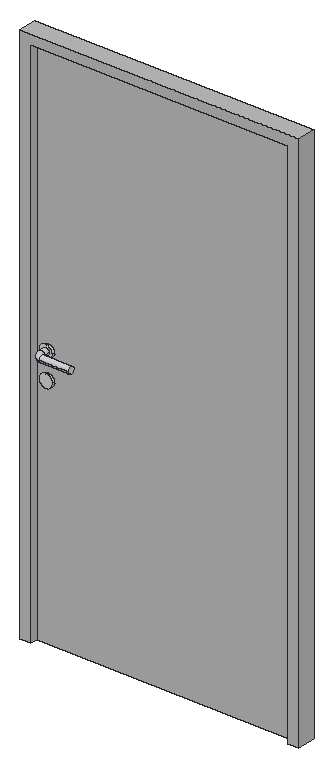
Revit family "BRU_Дверь_Однопольная_Стальная_Тех", category Двери, Revit 2021
Family settings
  Основа = Стена
  Номер OmniClass = 23.30.10.00
  Заголовок OmniClass = Doors
  Всегда вертикально = Да
  При загрузке вырезать с полостями = Нет
  Общий = Нет
  Точка принадлежности помещению = Нет
Parameters (values of type "ДСВ-О-Н-EI30 1100х2100(h) Л")
  Четверть сверху.Размер [instance] = 30 mm
  Четверть сверху [instance] = if([Четверть (есть/нет)], Четверть сверху.Размер, 0 mm)  # 0 mm
  Четверть сбоку [instance] = if([Четверть (есть/нет)], Четверти сбоку.Размер, 0 mm)  # 0 mm
  Четверть (есть/нет) [instance] = no
  Четверти сбоку.Размер [instance] = 30 mm
  Угол в плане 30 [instance] = yes
  Тип полотна двери = Полотно : Глухое
  Ручка двери = none
  Рама двери.Ширина справа = 80 mm
  Рама двери.Ширина слева = 80 mm
  Рама двери.Ширина внизу = 80 mm
  Рама двери.Ширина вверху = 80 mm
  Полотно.Толщина = 40 mm
  Полотно двери. Высота = Height - Коробка.Ширина - 20 mm  # 2050 mm
  Площадь [instance] = Rough Width * Rough Height  # 2.2048 m²
  Откосы.Ширина [instance] = 530 mm
  Define Thermal Properties by = 1
  Fire Rating = ""
  О_Обозначение = ""
  О_Наименование = ""
  Наличник.Ширина [instance] = 60 mm
  Наличник.Толщина [instance] = 10 mm
  Наличник снаружи (есть/нет) [instance] = no
  Наличник внутри (есть/нет) [instance] = no
  Монтажный зазор снизу.Толщина [instance] = 130 mm
  Монтажный зазор сверху.Толщина = 20 mm
  Монтажный зазор сбоку.Толщина = 20 mm
  Коробка.Ширина = 30 mm
  Коробка.Толщина = 70 mm
  Type Comments = ""
  Защитное ограждение (есть/нет) = no
  Глубина выреза проема наружу [instance] = 200 mm
  Глубина выреза проема внутрь [instance] = 200 mm
  Глубина вставки двери [instance] = 0 mm
  Аналитическая конструкция = "<Нет>"
  Правая = no
  Полотно двери = none
  Остекление двери = none
  Левая = not(Правая)  # yes
  Огибание наружных слоев [instance] = 0 mm
  Width = 1100 mm
  Rough Width [instance] = Width - Монтажный зазор сбоку.Толщина * 2  # 1060 mm
  Rough Height [instance] = Height - Монтажный зазор сверху.Толщина  # 2080 mm
  Группа модели = "Дверь глухая с порогом"
  Manufacturer = ""
  Wall Closure = (empty or 0)
  Height = 2100 mm
  Описание = "Дверь деревянная внутренняя глухая"
  Тип конструкций = "Дверь деревянная"
  BRU_ДверьТип = "BRU_Дверь_Однопольная_Стальная_Техническая_Противопожарная"
  ADSK_Этаж [instance] = ""
  ADSK_Толщина стены [instance] = 0 mm
  ADSK_Примечание [instance] = ""
  ADSK_Предел огнестойкости = "EI30"
  ADSK_Позиция [instance] = ""
  ADSK_Открывание = if(Правая, "Правая", "Левая")  # "Левая"
  ADSK_Обозначение = "ГОСТ 6629-88"  # constant formula
  ADSK_Наименование краткое = ""
  ADSK_Наименование = "ДСВ-О-Н-EI30 1100х2100(h)"
  ADSK_Масса_Текст = ""
  ADSK_Количество [instance] = 0
  ADSK_Код изделия = ""
  ADSK_Зона [instance] = ""
  ADSK_Завод-изготовитель = ""
  ADSK_Единица измерения = ""
  ADSK_Группирование [instance] = ""
  ADSK_URL страницы изделия = ""
  ADSK_URL документации изделия = ""
Types (3, lengths in mm): name | Полотно двери. Высота | Площадь | Правая | Левая | Width | Rough Width | Rough Height | Height | ADSK_Предел огнестойкости | ADSK_Открывание | ADSK_Наименование
  ДСВ-О-Н-EI30 1100х2100(h) Л | 2050 | 2.2048 m² | no | yes | 1100 | 1060 | 2080 | 2100 | "EI30" | "Левая" | "ДСВ-О-Н-EI30 1100х2100(h)"
  ДСВ-О-Н-EI30 1100х2100(h) Пр | 2050 | 2.2048 m² | yes | no | 1100 | 1060 | 2080 | 2100 | "EI30" | "Правая" | "ДСВ-О-Н-EI30 1100х2100(h)"
  ДСВ-О-Н-EI60 1100х2100(h) Л | 2030 | 2.1012 m² | no | yes | 1060 | 1020 | 2060 | 2080 | "EI60" | "Левая" | "ДСВ-О-Н-EI60 1100х2100(h)"
Reference planes
  plane 1: y = 0
  plane 2 "По центру (Влево/Вправо)": x = 0
  plane 3 "Слева": x = -530
  plane 4 "Справа": x = 530
  plane 5: z = 2230
  plane 6 "Наружный": y = 300
  plane 7 "Внутренние": y = -300
  plane 8 "Вставка двери": y = 300
  plane 9 "Четверть слева": x = -530
  plane 10 "Четверть справа": x = 530
  plane 11 "Четверть сверху": z = 2230
  plane 12 "Полотно двери": y = 260
  plane 13 "Рама внутри": y = 230
  plane 14 "Монтажный зазор слева": x = -550
  plane 15 "Монтажный зазор справа": x = 550
  plane 16 "Монтажный зазор сверху": z = 2210
  plane 17 "Глубина огибания наружного слоя": y = 300
  plane 18: y = 310
  plane 19: x = 520
  plane 20: y = -310
  plane 21: x = -520
  plane 22: y = 500
  plane 23: y = -500
  plane 24 "2": z = 130
Forms (mm)
  Extrusion 1, void
    sketch origin (0, 0, 0) x (1, 0, 0) y (0, 1, 0)
      loop
        line (550, 300) -> (-550, 300) -> (-550, -500) -> (550, -500) -> (550, 300)
    from 0 to 2230
  Extrusion 2, void
    sketch origin (0, 0, 0) x (1, 0, 0) y (0, 1, 0)
      loop
        line (550, 500) -> (-550, 500) -> (-550, 300) -> (550, 300) -> (550, 500)
    from 0 to 2230
  Sweep 3, solid, material <- "Полотно двери", visible <- "Наличник снаружи (есть/нет)", detail levels fine
    path origin (0, 300, 0) x (1, 0, 0) y (0, 0, 1)
      loop
        line (-530, 130) -> (-530, 2230) -> (530, 2230) -> (530, 130)
    profile origin (-530, 300, 1180) x (-1, 0, 0) y (0, -1, 0)
      loop
        line (-10, 0) -> (-10, -5)
        arc (-10, -5) -> (-8.536, -8.536) -> (-5, -10) r 5
        line (-5, -10) -> (45, -10)
        arc (45, -10) -> (48.536, -8.536) -> (50, -5) r 5
        line (50, -5) -> (50, 0) -> (-10, 0)
  Sweep 4, solid, material <- "Полотно двери", visible <- "Наличник внутри (есть/нет)", detail levels fine
    path origin (0, -300, 0) x (1, 0, 0) y (0, 0, 1)
      loop
        line (-530, 130) -> (-530, 2230) -> (530, 2230) -> (530, 130)
    profile origin (-530, -300, 1180) x (-1, 0, 0) y (0, -1, 0)
      loop
        line (20, 0) -> (80, 0) -> (80, 5)
        arc (80, 5) -> (78.536, 8.536) -> (75, 10) r 5
        line (75, 10) -> (25, 10)
        arc (25, 10) -> (21.464, 8.536) -> (20, 5) r 5
        line (20, 5) -> (20, 0)
  Sweep 5, solid, material <- "Полотно двери"
    path origin (0, 300, 0) x (-1, 0, 0) y (0, 0, 1)
      loop
        line (530, 130) -> (530, 2210) -> (-530, 2210) -> (-530, 130)
    profile origin (530, 300, 1170) x (0, 1, 0) y (-1, 0, 0)
      loop
        line (0, 0) -> (0, 30) -> (-40, 30) -> (-40, 40) -> (-70, 40) -> (-70, 0) -> (0, 0)
  Sweep 6, solid, material <- "Полотно двери", visible <- "Наличник снаружи (есть/нет)", detail levels fine
    path origin (0, 300, 0) x (-1, 0, 0) y (0, 0, 1)
      loop
        line (530, 130) -> (530, 2230) -> (-530, 2230) -> (-530, 130)
    profile origin (530, 300, 1180) x (0, 1, 0) y (-1, 0, 0)
      loop
        line (5, 0) -> (5, 10) -> (0, 10) -> (0, 0) -> (5, 0)
Cuts and joins
  joined: Sweep 3, Sweep 6
Lines and regions (mm)
  Masking region 1, detail levels fine
    outline origin (0, 0, 0) x (0, 1, 0) y (0, 0, 1)
      loop
        line (230, 2170) -> (260, 2170) -> (260, 2180) -> (300, 2180) -> (300, 2210) -> (230, 2210) -> (230, 2170)
  Masking region 2, detail levels fine
    outline origin (0, 0, 0) x (0, 1, 0) y (0, 0, 1)
      loop
        line (300, 130) -> (300, 2180) -> (260, 2180) -> (260, 130) -> (300, 130)
  Masking region 3, detail levels fine
    outline origin (0, 0, 0) x (0, 1, 0) y (0, 0, 1)
      loop
        line (230, 2170) -> (230, 130) -> (260, 130) -> (260, 2170) -> (230, 2170)
  Masking region 4, detail levels coarse+medium
    outline origin (0, 0, 0) x (0, 1, 0) y (0, 0, 1)
      loop
        line (300, 130) -> (300, 2230) -> (230, 2230) -> (230, 130) -> (300, 130)
  model lines
    curve 1: line (530, 300, 130) -> (550, 300, 130)
    curve 2: line (550, 300, 130) -> (550, 300, 2230)
    curve 3: line (550, 300, 2230) -> (-550, 300, 2230)
    curve 4: line (-550, 300, 2230) -> (-550, 300, 130)
    curve 5: line (-550, 300, 130) -> (-530, 300, 130)
Text (mm)
  text "Наружный" at (-2295.016, 1099.543, 0), in view "Опорный уровень "
  text "Наружный" at (0, 1615.38, 3698.081), in view "Слева"
  text "Наружный" at (0, 1036.032, 3874.932), in view "Справа"
Dimensions and locks
  equal spacing: plane 14 "Монтажный зазор слева", plane 2 "По центру (Влево/Вправо)", plane 15 "Монтажный зазор справа"
  "Width": plane 14 "Монтажный зазор слева" to plane 15 "Монтажный зазор справа"
  "Rough Height": plane 16 "Монтажный зазор сверху" to plane 24 "2"
  host wall to plane 5 = 2230 mm  (x2)
  locked: plane 6 "Наружный" to host wall
  locked: plane 7 "Внутренние" to host wall
  "Четверть сбоку": plane 3 "Слева" to plane 9 "Четверть слева"
  "Четверть сбоку": plane 10 "Четверть справа" to plane 4 "Справа"
  "Глубина вставки двери": plane 6 "Наружный" to plane 8 "Вставка двери"
  "Наличник.Ширина": Sweep 3 sketch curve to plane 21
  "Коробка.Толщина": plane 8 "Вставка двери" to plane 13 "Рама внутри"
  "Полотно.Толщина": plane 8 "Вставка двери" to plane 12 "Полотно двери"
  "Огибание наружных слоев": plane 6 "Наружный" to plane 17 "Глубина огибания наружного слоя"
  "Наличник.Ширина": Sweep 4 sketch curve to Sweep 4 sketch curve
  locked: Sweep 4 sketch curve to Sweep 4 sketch curve at 5  (x4)
  locked: Sweep 3 sketch curve to Sweep 3 sketch curve at 5
  "Коробка.Ширина": Sweep 5 sketch curve to profile plane
  locked: Sweep 5 sketch curve to Sweep 5 sketch curve at 10
  "Наличник.Толщина": plane 7 "Внутренние" to plane 20
  "Наличник.Толщина": plane 18 to plane 6 "Наружный"
  "Наличник.Толщина": plane 9 "Четверть слева" to plane 21
  "Наличник.Толщина": plane 19 to plane 10 "Четверть справа"
  locked: plane 18 to Sweep 3 sketch curve at 5  (x2)
  locked: Sweep 3 sketch curve to plane 21 at 5
  locked: plane 18 to Sweep 6 sketch curve at 5
  "Откосы.Ширина": plane 7 "Внутренние" to plane 13 "Рама внутри"
  equal spacing: plane 3 "Слева", plane 2 "По центру (Влево/Вправо)", plane 4 "Справа"
  "Rough Width": plane 3 "Слева" to plane 4 "Справа"
  "Глубина выреза проема внутрь": plane 23 to plane 7 "Внутренние"
  "Глубина выреза проема наружу": plane 6 "Наружный" to plane 22
  "Монтажный зазор снизу.Толщина": level to plane 24 "2"
  "Монтажный зазор сверху.Толщина": plane 5 to plane 16 "Монтажный зазор сверху"
  "Четверть сверху": plane 5 to plane 11 "Четверть сверху"
  aligned and locked: plane 1 to host wall
  aligned and locked: plane 8 "Вставка двери" to Extrusion 1 sketch curve
  aligned and locked: Extrusion 1 to level
  aligned and locked: Extrusion 1 to plane 5
  aligned and locked: Extrusion 2 sketch curve to plane 8 "Вставка двери"
  aligned and locked: Extrusion 2 to level
  aligned and locked: plane 11 "Четверть сверху" to Extrusion 2
  aligned and locked: plane 9 "Четверть слева" to Sweep 3 sketch curve
  aligned and locked: plane 11 "Четверть сверху" to Sweep 3 sketch curve
  aligned and locked: plane 10 "Четверть справа" to Sweep 3 sketch curve
  aligned and locked: Sweep 4 sketch curve to plane 3 "Слева"
  aligned and locked: Sweep 4 sketch curve to plane 5
  aligned and locked: Sweep 4 sketch curve to plane 4 "Справа"
  aligned and locked: Sweep 4 sketch curve to plane 7 "Внутренние"
  aligned and locked: Sweep 5 sketch curve to plane 16 "Монтажный зазор сверху"
  aligned and locked: profile plane to Sweep 5 sketch curve
  aligned and locked: plane 13 "Рама внутри" to Sweep 5 sketch curve
  aligned and locked: plane 8 "Вставка двери" to Sweep 5 sketch curve
  aligned and locked: plane 12 "Полотно двери" to Sweep 5 sketch curve
  aligned and locked: plane 12 "Полотно двери" to nested 1
  aligned and locked: nested 1 to plane 8 "Вставка двери"
  aligned and locked: Sweep 5 to nested 1
  aligned and locked: nested 1 to Sweep 5  (x2)
  aligned and locked: plane 2 "По центру (Влево/Вправо)" to nested 2
  aligned and locked: nested 2 to plane 8 "Вставка двери"
  aligned and locked: plane 12 "Полотно двери" to nested 2
  aligned and locked: plane 13 "Рама внутри" to nested 2
  aligned and locked: plane 2 "По центру (Влево/Вправо)" to nested 3
  aligned and locked: plane 8 "Вставка двери" to nested 3
  aligned and locked: nested 3 to plane 12 "Полотно двери"
  aligned and locked: nested 3 to plane 13 "Рама внутри"
  aligned and locked: Sweep 4 sketch curve to plane 14 "Монтажный зазор слева"
  aligned and locked: profile plane to Sweep 3 sketch curve
  aligned and locked: Sweep 6 sketch curve to plane 11 "Четверть сверху"
  aligned and locked: plane 10 "Четверть справа" to Sweep 6 sketch curve  (x2)
  aligned and locked: plane 9 "Четверть слева" to Sweep 6 sketch curve
  aligned and locked: plane 8 "Вставка двери" to Sweep 6 sketch curve
  aligned and locked: plane 20 to Sweep 4 sketch curve
  aligned and locked: plane 18 to Sweep 3 sketch curve
  aligned and locked: Sweep 6 sketch curve to plane 19
  aligned and locked: Masking region 1 sketch curve to Sweep 5  (x2)
  aligned and locked: plane 12 "Полотно двери" to Masking region 1 sketch curve
  aligned and locked: plane 13 "Рама внутри" to Masking region 1 sketch curve
  aligned and locked: plane 8 "Вставка двери" to Masking region 1 sketch curve
  aligned and locked: plane 16 "Монтажный зазор сверху" to Masking region 1 sketch curve
  aligned and locked: plane 8 "Вставка двери" to Masking region 2 sketch curve
  aligned and locked: plane 12 "Полотно двери" to Masking region 2 sketch curve
  aligned and locked: Masking region 2 sketch curve to Sweep 5
  aligned and locked: Masking region 3 sketch curve to Sweep 5
  aligned and locked: plane 13 "Рама внутри" to Masking region 3 sketch curve
  aligned and locked: plane 12 "Полотно двери" to Masking region 3 sketch curve
  aligned and locked: plane 8 "Вставка двери" to Masking region 4 sketch curve
  aligned and locked: plane 13 "Рама внутри" to Masking region 4 sketch curve
  aligned and locked: plane 5 to Masking region 4 sketch curve
  aligned and locked: plane 22 to Extrusion 2 sketch curve
  aligned and locked: Extrusion 1 sketch curve to plane 23
  aligned and locked: plane 24 "2" to Sweep 5 sketch curve  (x2)
  aligned and locked: plane 24 "2" to Sweep 3 sketch curve  (x2)
  aligned and locked: plane 24 "2" to Sweep 6 sketch curve  (x2)
  aligned and locked: plane 24 "2" to Sweep 4 sketch curve  (x2)
  aligned and locked: Masking region 4 sketch curve to plane 24 "2"
  aligned and locked: Masking region 3 sketch curve to plane 24 "2"
  aligned and locked: Masking region 2 sketch curve to plane 24 "2"
  aligned and locked: plane 14 "Монтажный зазор слева" to Extrusion 1 sketch curve
  aligned and locked: Extrusion 1 sketch curve to plane 15 "Монтажный зазор справа"
  aligned and locked: plane 14 "Монтажный зазор слева" to Extrusion 2 sketch curve
  aligned and locked: Extrusion 2 sketch curve to plane 15 "Монтажный зазор справа"
  aligned and locked: Sweep 5 sketch curve to plane 4 "Справа"
  aligned and locked: Sweep 5 sketch curve to plane 3 "Слева"
Automatic sketch dimensions
  plane 15 "Монтажный зазор справа" to curve 1 = 0 mm
  plane 4 "Справа" to curve 1 = 0 mm
  plane 3 "Слева" to curve 5 = 0 mm
  plane 14 "Монтажный зазор слева" to curve 5 = 0 mm
  curve 1 to plane 24 "2" = 0 mm
  curve 5 to plane 24 "2" = 0 mm
  curve 3 to plane 5 = 0 mm
Nested families
  nested 1: "Полотно" at (0, 300, 130), type <- "Тип полотна двери", Полотно двери.Высота <- "Полотно двери. Высота", type "Глухое"
    with Полотно двери.Ширина 1000 mm, Полотно двери.Толщина 40 mm, Полотно двери.Высота 2050 mm, Правая no, Левая yes
  nested 2: "Обозначение на плане" at (0, 300, 0), Ширина двери <- "Width", visible <- "Правая", Монтажный зазор <- "Монтажный зазор сбоку.Толщина", Ширина коробки <- "Коробка.Ширина", Толщина полотна двери <- "Полотно.Толщина", Толщина коробки <- "Коробка.Толщина", type "По-умолчанию", detail levels coarse+fine
    with Ширина полотна двери 1000 mm, Ширина коробки 30 mm, Ширина двери 1100 mm, Толщина полотна двери 40 mm, Толщина коробки 70 mm, Монтажный зазор 20 mm
  nested 3: "Обозначение на плане" at (0, 300, 0) x (-1, 0, 0) z (0, 0, 1), Ширина двери <- "Width", Монтажный зазор <- "Монтажный зазор сбоку.Толщина", Ширина коробки <- "Коробка.Ширина", Толщина полотна двери <- "Полотно.Толщина", Толщина коробки <- "Коробка.Толщина", visible <- "Левая", type "По-умолчанию", detail levels coarse+fine
    with Ширина полотна двери 1000 mm, Ширина коробки 30 mm, Ширина двери 1100 mm, Толщина полотна двери 40 mm, Толщина коробки 70 mm, Монтажный зазор 20 mm
Definition of nested family "Полотно"
  Parameters (values of type "Глухое")
    Ручка.Отступ от края = 50 mm
    Ручка.Высота расположения = 1000 mm
    Ручка двери = none
    Рама справа.Ширина = 150 mm
    Рама слева.Ширина = 150 mm
    Рама внизу.Ширина = 600 mm
    Рама вверху.Ширина = 150 mm
    Правая = yes
    Полотно остекленное = no
    Полотно двери.Ширина [instance] = 1000 mm
    Полотно двери.Толщина [instance] = 40 mm
    Полотно двери.Высота [instance] = 2100 mm
    Полотно двери = none
    Полотно глухое = yes
    Остекление двери = none
    Левая = not(Правая)  # no
    Защитные ограждения = no
    Analytic Construction = "<Нет>"
  Types (2, lengths in mm): name | Рама справа.Ширина | Рама слева.Ширина | Рама внизу.Ширина | Рама вверху.Ширина | Полотно остекленное | Полотно глухое
    Глухое | 150 | 150 | 600 | 150 | no | yes
    Остекленное | 80 | 80 | 80 | 80 | yes | no
  Reference planes
    plane 1 "Center (Front/Back)": y = 0
    plane 2: z = 0
    plane 3 "Center (Left/Right)": x = 0
    plane 4: x = -500
    plane 5: x = 500
    plane 6 "Back": y = -40
    plane 7: z = 2100
    plane 8 "Высота расположения ручки": z = 1000
    plane 9 "Отступ ручки справа": x = 450
    plane 10 "Отступ ручки слева": x = -450
    plane 11 "Остекление снаружи": y = -8
    plane 12 "Остекление внутри": y = -32
    plane 13 "Ширина рамы справа": x = -350
    plane 14 "Ширина рамы слева": x = 350
    plane 15 "Ширина рамы внизу": z = 600
    plane 16 "Ширина рамы вверху": z = 1950
    plane 17: z = 950
    plane 18: z = 800
    plane 19: z = 650
    plane 20: z = 1050
  Forms (mm)
    Extrusion 1, solid, material <- "Полотно двери", visible <- "Полотно глухое"
      sketch origin (0, 0, 0) x (1, 0, 0) y (0, 0, 1)
        loop
          line (-500, 2100) -> (-500, 0) -> (500, 0) -> (500, 2100) -> (-500, 2100)
      from 0 to 40 <- "Полотно двери.Толщина"
    Extrusion 2, solid, material <- "Полотно двери", visible <- "Полотно остекленное"
      sketch origin (0, 0, 0) x (1, 0, 0) y (0, 0, 1)
        loop
          line (-500, 2100) -> (-500, 0) -> (500, 0) -> (500, 2100) -> (-500, 2100)
        loop
          line (-350, 600) -> (350, 600) -> (350, 1950) -> (-350, 1950) -> (-350, 600)
      from 0 to 40
    Extrusion 3, solid, material <- "Остекление двери", visible <- "Полотно остекленное"
      sketch origin (-646.608, -8, 1200) x (-1, 0, 0) y (0, 0, 1)
        loop
          line (-296.608, 750) -> (-996.608, 750) -> (-996.608, -600) -> (-296.608, -600) -> (-296.608, 750)
      from 0 to -24
    Sweep 4, solid, material <- "Ручка двери", visible <- "Защитные ограждения", detail levels medium+fine
      path origin (-858.179, -1524, 950) x (-1, 0, 0) y (0, -1, 0)
        loop
          arc (-478.179, -1469) -> (-482.572, -1458.393) -> (-493.179, -1454) r 15
          line (-493.179, -1454) -> (-1223.179, -1454)
          arc (-1223.179, -1454) -> (-1233.785, -1458.393) -> (-1238.179, -1469) r 15
          line (-1238.179, -1469) -> (-1238.179, -1539)
          arc (-1238.179, -1539) -> (-1233.785, -1549.607) -> (-1223.179, -1554) r 15
          line (-1223.179, -1554) -> (-493.179, -1554)
          arc (-493.179, -1554) -> (-482.572, -1549.607) -> (-478.179, -1539) r 15
          line (-478.179, -1539) -> (-478.179, -1469)
      profile origin (-380, -20, 950) x (-1, 0, 0) y (0, 0, 1)
        loop
          circle (0, 0) r 10
    Sweep 5, solid, material <- "Ручка двери", visible <- "Защитные ограждения", detail levels medium+fine
      path origin (-858.179, -1524, 800) x (-1, 0, 0) y (0, -1, 0)
        loop
          arc (-478.179, -1469) -> (-482.572, -1458.393) -> (-493.179, -1454) r 15
          line (-493.179, -1454) -> (-1223.179, -1454)
          arc (-1223.179, -1454) -> (-1233.785, -1458.393) -> (-1238.179, -1469) r 15
          line (-1238.179, -1469) -> (-1238.179, -1539)
          arc (-1238.179, -1539) -> (-1233.785, -1549.607) -> (-1223.179, -1554) r 15
          line (-1223.179, -1554) -> (-493.179, -1554)
          arc (-493.179, -1554) -> (-482.572, -1549.607) -> (-478.179, -1539) r 15
          line (-478.179, -1539) -> (-478.179, -1469)
      profile origin (-380, -20, 800) x (-1, 0, 0) y (0, 0, 1)
        loop
          circle (0, 0) r 10
    Sweep 6, solid, material <- "Ручка двери", visible <- "Защитные ограждения", detail levels medium+fine
      path origin (-858.179, -1524, 650) x (-1, 0, 0) y (0, -1, 0)
        loop
          arc (-478.179, -1469) -> (-482.572, -1458.393) -> (-493.179, -1454) r 15
          line (-493.179, -1454) -> (-1223.179, -1454)
          arc (-1223.179, -1454) -> (-1233.785, -1458.393) -> (-1238.179, -1469) r 15
          line (-1238.179, -1469) -> (-1238.179, -1539)
          arc (-1238.179, -1539) -> (-1233.785, -1549.607) -> (-1223.179, -1554) r 15
          line (-1223.179, -1554) -> (-493.179, -1554)
          arc (-493.179, -1554) -> (-482.572, -1549.607) -> (-478.179, -1539) r 15
          line (-478.179, -1539) -> (-478.179, -1469)
      profile origin (-380, -20, 650) x (-1, 0, 0) y (0, 0, 1)
        loop
          circle (0, 0) r 10
  Lines and regions (mm)
    symbolic lines, visible <- "Правая", detail levels medium
      curve 1: line (-500, 0, 0) -> (500, 0, 1050)
      curve 2: line (500, 0, 1050) -> (-500, 0, 2100)
    symbolic lines, visible <- "Левая", detail levels medium
      curve 3: line (500, 0, 0) -> (-500, 0, 1050)
      curve 4: line (-500, 0, 1050) -> (500, 0, 2100)
  Dimensions and locks
    "Полотно двери.Толщина": plane 1 "Center (Front/Back)" to plane 6 "Back"
    equal spacing: plane 4, plane 3 "Center (Left/Right)", plane 5
    "Полотно двери.Ширина": plane 4 to plane 5
    "Полотно двери.Высота": plane 7 to plane 2
    "Ручка.Высота расположения": plane 8 "Высота расположения ручки" to level
    "Ручка.Отступ от края": plane 5 to plane 9 "Отступ ручки справа"
    "Ручка.Отступ от края": plane 10 "Отступ ручки слева" to plane 4
    locked: plane 12 "Остекление внутри" to plane 6 "Back" at 8
    locked: plane 1 "Center (Front/Back)" to plane 11 "Остекление снаружи" at 8
    "Рама вверху.Ширина": plane 7 to plane 16 "Ширина рамы вверху"
    "Рама внизу.Ширина": plane 15 "Ширина рамы внизу" to plane 2
    "Рама справа.Ширина": plane 5 to plane 14 "Ширина рамы слева"
    "Рама слева.Ширина": plane 13 "Ширина рамы справа" to plane 4
    locked: plane 17 to plane 2 at 950
    plane 17 to plane 18 to plane 19 = 150 mm locked, 150 mm locked
    locked: plane 1 "Center (Front/Back)" to Sweep 4 sketch curve at 30
    locked: Sweep 4 sketch curve to profile plane at 0
    locked: profile plane to Sweep 4 sketch curve at 0
    locked: Sweep 4 sketch curve to plane 6 "Back" at 30
    locked: Sweep 5 sketch curve to profile plane at 0
    locked: profile plane to Sweep 5 sketch curve at 0
    locked: Sweep 5 sketch curve to plane 6 "Back" at 30
    locked: plane 1 "Center (Front/Back)" to Sweep 5 sketch curve at 30
    locked: Sweep 6 sketch curve to profile plane at 0
    locked: profile plane to Sweep 6 sketch curve at 0
    locked: Sweep 6 sketch curve to plane 6 "Back" at 30
    locked: plane 1 "Center (Front/Back)" to Sweep 6 sketch curve at 30
    equal spacing: plane 7, plane 20, plane 2
    locked: Sweep 4 sketch curve to plane 13 "Ширина рамы справа" at 30
    locked: plane 14 "Ширина рамы слева" to Sweep 4 sketch curve at 30
    locked: plane 14 "Ширина рамы слева" to Sweep 5 sketch curve at 30
    locked: Sweep 5 sketch curve to plane 13 "Ширина рамы справа" at 30
    locked: Sweep 6 sketch curve to plane 13 "Ширина рамы справа" at 30
    locked: plane 14 "Ширина рамы слева" to Sweep 6 sketch curve at 30
    locked: Sweep 4 sketch curve to Sweep 4 sketch curve at 15  (x8)
    locked: Sweep 5 sketch curve to Sweep 5 sketch curve at 15  (x8)
    locked: Sweep 6 sketch curve to Sweep 6 sketch curve at 15  (x8)
    aligned and locked: level to plane 2
    aligned and locked: Extrusion 1 sketch curve to plane 7
    aligned and locked: plane 4 to Extrusion 1 sketch curve
    aligned and locked: plane 2 to Extrusion 1 sketch curve
    aligned and locked: Extrusion 1 sketch curve to plane 5
    aligned and locked: Extrusion 1 to plane 1 "Center (Front/Back)"
    aligned and locked: Extrusion 1 to plane 6 "Back"
    aligned and locked: nested 1 to plane 10 "Отступ ручки слева"
    aligned and locked: plane 1 "Center (Front/Back)" to nested 1
    aligned and locked: plane 6 "Back" to nested 1
    aligned and locked: plane 8 "Высота расположения ручки" to nested 1
    aligned and locked: nested 2 to plane 1 "Center (Front/Back)"
    aligned and locked: nested 2 to plane 6 "Back"
    aligned and locked: nested 2 to plane 9 "Отступ ручки справа"
    aligned and locked: nested 2 to plane 8 "Высота расположения ручки"
    aligned and locked: Extrusion 2 sketch curve to plane 4
    aligned and locked: Extrusion 2 sketch curve to plane 5
    aligned and locked: Extrusion 2 sketch curve to plane 7
    aligned and locked: Extrusion 2 sketch curve to plane 2
    aligned and locked: Extrusion 2 sketch curve to plane 15 "Ширина рамы внизу"
    aligned and locked: Extrusion 2 sketch curve to plane 13 "Ширина рамы справа"
    aligned and locked: Extrusion 2 sketch curve to plane 14 "Ширина рамы слева"
    aligned and locked: Extrusion 2 sketch curve to plane 16 "Ширина рамы вверху"
    aligned and locked: Extrusion 2 to plane 1 "Center (Front/Back)"
    aligned and locked: Extrusion 2 to plane 6 "Back"
    aligned and locked: plane 13 "Ширина рамы справа" to Extrusion 3 sketch curve
    aligned and locked: plane 14 "Ширина рамы слева" to Extrusion 3 sketch curve
    aligned and locked: plane 16 "Ширина рамы вверху" to Extrusion 3 sketch curve
    aligned and locked: plane 15 "Ширина рамы внизу" to Extrusion 3 sketch curve
    aligned and locked: Extrusion 3 to plane 11 "Остекление снаружи"
    aligned and locked: Extrusion 3 to plane 12 "Остекление внутри"
    aligned and locked: plane 4 to curve 1
    aligned and locked: plane 2 to curve 1
    aligned and locked: plane 5 to curve 2
    aligned and locked: plane 20 to curve 1
    aligned and locked: plane 7 to Extrusion 2
    aligned and locked: plane 4 to Extrusion 2
  Automatic sketch dimensions
    curve 3 to plane 4 = 0 mm
    curve 2 to plane 4 = 0 mm
    curve 3 to level = 0 mm
    curve 3 to plane 5 = 0 mm
    curve 4 to plane 5 = 0 mm
    curve 4 to plane 20 = 0 mm
    curve 4 to plane 7 = 0 mm
    curve 2 to plane 7 = 0 mm
    radius of Sweep 4 sketch curve = 10 mm
    radius of Sweep 5 sketch curve = 10 mm
    radius of Sweep 6 sketch curve = 10 mm
  Nested families
    nested 1: "Дверная ручка" at (-450, 0, 1000), visible <- "Левая", Полотно двери.Толщина <- "Полотно двери.Толщина", type "Дверная ручка", detail levels fine
      with Полотно двери.Толщина 40 mm
    nested 2: "Дверная ручка" at (450, 0, 1000) x (-1, 0, 0) z (0, 0, 1), visible <- "Правая", Полотно двери.Толщина <- "Полотно двери.Толщина", type "Дверная ручка", detail levels fine
      with Полотно двери.Толщина 40 mm
  Definition of nested family "Дверная ручка"
    Parameters (values of type "Дверная ручка")
      Полотно двери.Толщина [instance] = 40 mm
      Дверная ручка = none
      Analytic Construction = "<Нет>"
    Reference planes
      plane 1 "Center (Front/Back)": y = 0
      plane 2: z = 0
      plane 3 "Center (Left/Right)": x = 0
      plane 4: y = -40
      plane 5: z = -100
    Forms (mm)
      Sweep 1, solid, material <- "Дверная ручка", detail levels medium+fine
        path origin (0, 0, 0) x (1, 0, 0) y (0, 1, 0)
          loop
            line (130, 50) -> (20, 50)
            arc (20, 50) -> (5.858, 44.142) -> (0, 30) r 20
            line (0, 30) -> (0, -70)
            arc (0, -70) -> (5.858, -84.142) -> (20, -90) r 20
            line (20, -90) -> (130, -90)
        profile origin (0, -20, 0) x (1, 0, 0) y (0, 0, 1)
          loop
            circle (0, 0) r 12
      Extrusion 2, solid, material <- "Дверная ручка", detail levels medium+fine
        sketch origin (-2000, -40, 1200) x (-1, 0, 0) y (0, 0, 1)
          loop
            circle (-2000, -1200) r 25
        from 48 to -8
      Extrusion 3, solid, material <- "Дверная ручка", detail levels medium+fine
        sketch origin (-2000, -40, 1100) x (-1, 0, 0) y (0, 0, 1)
          loop
            circle (-2000, -1200) r 25
        from 48 to -8
    Cuts and joins
      joined: Sweep 1, Extrusion 2
    Dimensions and locks
      "Полотно двери.Толщина": plane 1 "Center (Front/Back)" to plane 4
      locked: Sweep 1 sketch curve to plane 4 at 50
      locked: plane 1 "Center (Front/Back)" to Sweep 1 sketch curve at 50
      locked: plane 4 to Sweep 1 sketch curve at 30
      locked: plane 1 "Center (Front/Back)" to Sweep 1 sketch curve at 30
      locked: plane 3 "Center (Left/Right)" to Sweep 1 sketch curve at 20  (x2)
      locked: plane 4 to Extrusion 2 at 8
      locked: Extrusion 3 sketch curve to plane 5 at 0
      locked: plane 3 "Center (Left/Right)" to Extrusion 3 sketch curve at 0
      locked: plane 1 "Center (Front/Back)" to cut or joined group of Sweep 1, Extrusion 2 at 8
      locked: Extrusion 3 to plane 1 "Center (Front/Back)" at 8
      aligned and locked: level to plane 2
      aligned and locked: Sweep 1 sketch curve to plane 3 "Center (Left/Right)"
    Automatic sketch dimensions
      Sweep 1 sketch curve to Sweep 1 sketch curve = 110 mm  (x2)
      Sweep 1 sketch curve to level = 0 mm
      profile plane to Sweep 1 sketch curve = 0 mm
      Extrusion 2 sketch curve to level = 0 mm
      Extrusion 2 sketch curve to plane 3 "Center (Left/Right)" = 0 mm
      radius of Sweep 1 sketch curve = 12 mm
      radius of Extrusion 2 sketch curve = 25 mm
      radius of Extrusion 3 sketch curve = 25 mm
Definition of nested family "Обозначение на плане"
  Parameters (values of type "По-умолчанию")
    Ширина полотна двери [instance] = Ширина двери - 60 mm - Монтажный зазор * 2  # 600 mm
    Ширина коробки [instance] = 30 mm
    Ширина двери [instance] = 700 mm
    Толщина полотна двери [instance] = 40 mm
    Толщина коробки [instance] = 80 mm
    Открывание двери.30° = yes
    Открывание двери.90° = not(Открывание двери.30°)  # no
    Монтажный зазор [instance] = 20 mm
    Линия открывания.Дуга = not(Открывание двери.30°)  # no
  Reference planes
    plane 1 "Center (Front/Back)": y = 0
    plane 2: z = 0
    plane 3 "Center (Left/Right)": x = 0
    plane 4: x = -350
    plane 5: x = 350
    plane 6 "Толщина коробки": y = -80
    plane 7 "Толщина полотна": y = -40
    plane 8: x = -330
    plane 9: x = 330
    plane 10: x = -300
    plane 11: x = 300
  Lines and regions (mm)
    Masking region 1, in view "Ref. Level", visible <- "Открывание двери.90°", detail levels fine
      outline origin (0, 140, 0) x (1, 0, 0) y (0, 1, 0)
        loop
          line (-300, -140) -> (-260, -140) -> (-260, 460) -> (-300, 460) -> (-300, -140)
    detail lines, in view "Ref. Level", visible <- "Открывание двери.90°", detail levels coarse+medium
      curve 1: line (-350, 0, 0) -> (-350, 700, 0)
    detail lines, in view "Ref. Level", visible <- "Линия открывания.Дуга", detail levels coarse+medium
      curve 2: arc (350, 0, 0) -> (144.975, 494.975, 0) -> (-350, 700, 0) r 700
    detail lines, in view "Ref. Level", visible <- "Открывание двери.30°", detail levels coarse+medium
      curve 3: line (-350, 0, 0) -> (256.218, 350, 0)
    detail lines, in view "Ref. Level", visible <- "Линия открывания.Дуга", detail levels fine
      curve 4: arc (300, 0, 0) -> (138.178, 409.878, 0) -> (-260, 598.665, 0) r 600
    detail lines, in view "Ref. Level", visible <- "Открывание двери.30°", detail levels fine
      curve 5: arc (300, 0, 0) -> (284.107, 137.181, 0) -> (237.271, 267.096, 0) r 600
    detail lines, in view "Ref. Level"
      curve 6: line (-300, 0, 0) -> (219.615, 300, 0)
      curve 7: line (-300, 0, 0) -> (-280, -34.641, 0)
      curve 8: line (-280, -34.641, 0) -> (239.615, 265.359, 0)
      curve 9: line (219.615, 300, 0) -> (239.615, 265.359, 0)
      curve 10: line (-300, 0, 0) -> (-330, 0, 0)
      curve 11: line (-330, 0, 0) -> (-330, -80, 0)
      curve 12: line (-330, -80, 0) -> (-290, -80, 0)
      curve 13: line (-290, -80, 0) -> (-290, -40, 0)
      curve 14: line (-290, -40, 0) -> (-300, -40, 0)
      curve 15: line (-300, 0, 0) -> (-300, -40, 0)
      curve 16: line (-330, 0, 0) -> (-350, 0, 0)
      curve 17: line (-350, -80, 0) -> (-330, -80, 0)
      curve 18: line (-350, 0, 0) -> (-350, -80, 0)
      curve 19: line (-330, 0, 0) -> (-330, -80, 0)
      curve 20: line (300, -40, 0) -> (300, 0, 0)
      curve 21: line (330, 0, 0) -> (330, -80, 0)
      curve 22: line (330, -80, 0) -> (290, -80, 0)
      curve 23: line (290, -80, 0) -> (290, -40, 0)
      curve 24: line (290, -40, 0) -> (300, -40, 0)
      curve 25: line (300, 0, 0) -> (330, 0, 0)
      curve 26: line (330, 0, 0) -> (350, 0, 0)
      curve 27: line (330, -80, 0) -> (330, 0, 0)
      curve 28: line (350, -80, 0) -> (330, -80, 0)
      curve 29: line (350, 0, 0) -> (350, -80, 0)
  Dimensions and locks
    equal spacing: plane 4, plane 3 "Center (Left/Right)", plane 5
    "Ширина двери": plane 4 to plane 5
    "Ширина двери": plane 1 "Center (Front/Back)" to curve 1
    "Ширина двери": curve 3 to curve 3
    "Толщина полотна двери": plane 1 "Center (Front/Back)" to plane 7 "Толщина полотна"
    "Толщина коробки": plane 1 "Center (Front/Back)" to plane 6 "Толщина коробки"
    "Монтажный зазор": plane 4 to plane 8
    "Монтажный зазор": plane 9 to plane 5
    "Ширина полотна двери": Masking region 1 sketch curve to Masking region 1 sketch curve
    "Толщина полотна двери": Masking region 1 sketch curve to Masking region 1 sketch curve
    "Ширина коробки": plane 8 to plane 10
    "Ширина коробки": plane 11 to plane 9
    "Ширина полотна двери": radius of curve 4
    "Ширина полотна двери": radius of curve 5
    locked: plane 1 "Center (Front/Back)" to curve 3 (angle 30.00°)
    aligned and locked: plane 1 "Center (Front/Back)" to curve 1
    aligned and locked: plane 1 "Center (Front/Back)" to curve 2
    aligned and locked: plane 4 to curve 3
    aligned and locked: Masking region 1 sketch curve to plane 1 "Center (Front/Back)"
  Automatic sketch dimensions
    curve 4 to curve 5 = 0 mm
    curve 11 to plane 6 "Толщина коробки" = 0 mm
    curve 11 to plane 8 = 0 mm
    curve 15 to plane 10 = 0 mm
    curve 5 to plane 10 = 0 mm
    curve 13 to plane 7 "Толщина полотна" = 0 mm
    curve 23 to plane 6 "Толщина коробки" = 0 mm
    curve 23 to plane 7 "Толщина полотна" = 0 mm
    curve 21 to plane 9 = 0 mm
    plane 10 to curve 12 = 10 mm
    plane 7 "Толщина полотна" to curve 7 = 5.359 mm
    curve 13 to curve 7 = 10 mm
    curve 23 to plane 11 = 10 mm
    plane 10 to curve 4 = 40 mm
    curve 9 to curve 6 = 0 mm
    curve 5 to curve 8 = 2.344 mm
    Masking region 1 sketch curve to plane 10 = 0 mm
